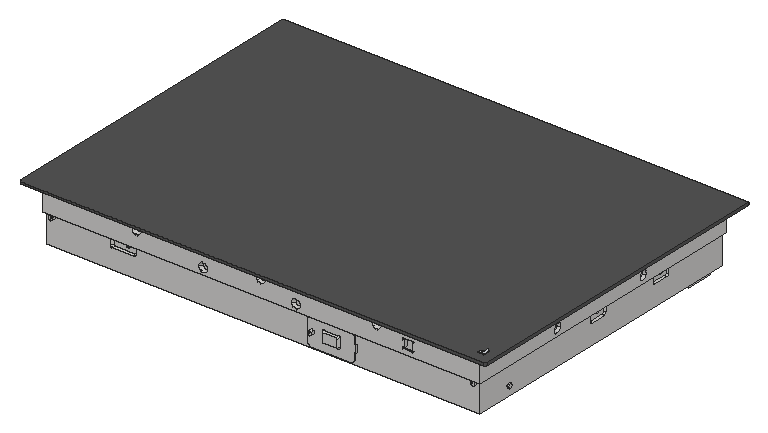
Revit family "P210876JX-013_JEC4430KB", category Specialty Equipment, Revit 2026 (continued)
Automatic sketch dimensions
  Blend 29 sketch curve to plane 6 = 1.34884"  (x2)
  plane 3 "Center (Left/Right)" to Blend 29 sketch curve = 3.96393"  (x2)
  Blend 30 sketch curve to plane 6 = 0.76589"  (x2)
  Blend 30 sketch curve to plane 7 = 6.91875"  (x2)
  Extrusion 26 to Extrusion 31 sketch curve = 0.9713"  (x2)
  Extrusion 26 to Extrusion 31 sketch curve = 0.35403"  (x2)
  Extrusion 26 to Extrusion 31 sketch curve = 0.21474"  (x2)
  Extrusion 31 sketch curve to Extrusion 31 sketch curve = 0.13929"  (x6)
  Extrusion 26 to Extrusion 31 sketch curve = 1.11059"  (x2)
  Extrusion 31 sketch curve to Extrusion 31 sketch curve = 0.3598"
  Extrusion 31 sketch curve to Extrusion 31 sketch curve = 0.49909"
  Extrusion 26 to Extrusion 32 sketch curve = 0.25713"
  Extrusion 32 sketch curve to Extrusion 32 sketch curve = 0.13929"  (x4)
  Extrusion 32 sketch curve to Extrusion 32 sketch curve = 0.57487"
  Extrusion 26 to Extrusion 32 sketch curve = 0.71383"
  Extrusion 26 to Extrusion 32 sketch curve = 0.85312"
  Extrusion 26 to Extrusion 33 sketch curve = 0.9713"
  Extrusion 26 to Extrusion 33 sketch curve = 0.39643"  (x2)
  Extrusion 33 sketch curve to Extrusion 33 sketch curve = 0.13929"  (x3)
  Extrusion 26 to Extrusion 33 sketch curve = 0.71383"
  Extrusion 26 to Extrusion 33 sketch curve = 0.85312"
  Blend 34 sketch curve to Extrusion 1 = 0.47839"  (x2)
  Extrusion 1 to Blend 34 sketch curve = 14.43495"  (x2)
  Extrusion 35 sketch curve to Extrusion 1 = 0.28984"
  Extrusion 1 to Extrusion 35 sketch curve = 4.33305"
  Extrusion 35 sketch curve to Extrusion 35 sketch curve = 0"
  Extrusion 35 sketch curve to Extrusion 35 sketch curve = 0.05793"
  Extrusion 35 sketch curve to Extrusion 35 sketch curve = 0.11021"  (x4)
  Extrusion 35 sketch curve to Extrusion 35 sketch curve = 0.49679"
  Extrusion 35 sketch curve to Extrusion 35 sketch curve = 0.05699"  (x3)
  Extrusion 35 sketch curve to Extrusion 35 sketch curve = 0.43238"  (x2)
  Blend 36 sketch curve to Extrusion 1 = 0.45116"  (x2)
  Extrusion 1 to Blend 36 sketch curve = 12.11498"  (x2)
  Revolve 37 sketch curve to level = 0"
  plane 3 "Center (Left/Right)" to Revolve 37 sketch curve = 1.75497"
  Revolve 37 sketch curve to Revolve 37 sketch curve = 0.04983"
  Revolve 37 sketch curve to Revolve 37 sketch curve = 0.08052"
  Revolve 37 sketch curve to Revolve 37 sketch curve = 0.30781"
  Revolve 37 sketch curve to Revolve 37 sketch curve = 0.03944"
  Revolve 37 sketch curve to level = 0.13778"
  Revolve 37 sketch curve to level = 0.22093"
  Revolve 37 sketch curve to Revolve 37 sketch curve = 0.04971"
  Revolve 37 sketch curve to Revolve 37 sketch curve = 0.04642"
  Revolve 37 sketch curve to Revolve 37 sketch curve = 0"  (x2)
  Revolve 37 sketch curve to Revolve 37 sketch curve = 0.05575"
  Revolve 37 sketch curve to Revolve 37 sketch curve = 0.00971"
  Revolve 38 sketch curve to level = 0"
  plane 3 "Center (Left/Right)" to Revolve 38 sketch curve = 0.05226"
  plane 3 "Center (Left/Right)" to Revolve 38 sketch curve = 0.00243"
  Revolve 38 sketch curve to plane 3 "Center (Left/Right)" = 0.02827"
  Revolve 38 sketch curve to Revolve 38 sketch curve = 0.30781"
  Revolve 38 sketch curve to Revolve 38 sketch curve = 0.03944"
  Revolve 38 sketch curve to level = 0.13778"
  Revolve 38 sketch curve to level = 0.22093"
  Revolve 38 sketch curve to Revolve 38 sketch curve = 0.04971"
  Revolve 38 sketch curve to Revolve 38 sketch curve = 0.04642"
  Revolve 38 sketch curve to Revolve 38 sketch curve = 0"  (x2)
  Revolve 38 sketch curve to Revolve 38 sketch curve = 0.05575"
  Revolve 38 sketch curve to Revolve 38 sketch curve = 0.00971"
  Revolve 39 sketch curve to level = 0"
  plane 8 to Revolve 39 sketch curve = 7.49319"
  Revolve 39 sketch curve to Revolve 39 sketch curve = 0.04983"
  Revolve 39 sketch curve to Revolve 39 sketch curve = 0.08052"
  Revolve 39 sketch curve to Revolve 39 sketch curve = 0.30781"
  Revolve 39 sketch curve to Revolve 39 sketch curve = 0.03944"
  Revolve 39 sketch curve to level = 0.13778"
  Revolve 39 sketch curve to level = 0.22093"
  Revolve 39 sketch curve to Revolve 39 sketch curve = 0.04971"
  Revolve 39 sketch curve to Revolve 39 sketch curve = 0.04642"
  Revolve 39 sketch curve to Revolve 39 sketch curve = 0"  (x2)
  Revolve 39 sketch curve to Revolve 39 sketch curve = 0.05575"
  Revolve 39 sketch curve to Revolve 39 sketch curve = 0.00971"
  Revolve 40 sketch curve to level = 0"
  plane 3 "Center (Left/Right)" to Revolve 40 sketch curve = 6.50497"
  Revolve 40 sketch curve to Revolve 40 sketch curve = 0.04983"
  Revolve 40 sketch curve to Revolve 40 sketch curve = 0.08052"
  Revolve 40 sketch curve to Revolve 40 sketch curve = 0.30781"
  Revolve 40 sketch curve to Revolve 40 sketch curve = 0.03944"
  Revolve 40 sketch curve to level = 0.13778"
  Revolve 40 sketch curve to level = 0.22093"
  Revolve 40 sketch curve to Revolve 40 sketch curve = 0.04971"
  Revolve 40 sketch curve to Revolve 40 sketch curve = 0.04642"
  Revolve 40 sketch curve to Revolve 40 sketch curve = 0"  (x2)
  Revolve 40 sketch curve to Revolve 40 sketch curve = 0.05575"
  Revolve 40 sketch curve to Revolve 40 sketch curve = 0.00971"
  Revolve 41 sketch curve to level = 0"
  Revolve 41 sketch curve to plane 7 = 6.86021"
  Revolve 41 sketch curve to Revolve 41 sketch curve = 0.04983"
  Revolve 41 sketch curve to Revolve 41 sketch curve = 0.08052"
  Revolve 41 sketch curve to Revolve 41 sketch curve = 0.30781"
  Revolve 41 sketch curve to Revolve 41 sketch curve = 0.03944"
  Revolve 41 sketch curve to level = 0.13778"
  Revolve 41 sketch curve to level = 0.22093"
  Revolve 41 sketch curve to Revolve 41 sketch curve = 0.04971"
  Revolve 41 sketch curve to Revolve 41 sketch curve = 0.04642"
  Revolve 41 sketch curve to Revolve 41 sketch curve = 0"  (x2)
  Revolve 41 sketch curve to Revolve 41 sketch curve = 0.05575"
  Revolve 41 sketch curve to Revolve 41 sketch curve = 0.00971"
  Blend 42 sketch curve to Extrusion 2 = 0"
  Extrusion 2 to Blend 42 sketch curve = 5.57293"
  Blend 42 sketch curve to Blend 42 sketch curve = 0.10526"  (x2)
  Blend 42 sketch curve to Blend 42 sketch curve = 0.93825"
  Blend 42 sketch curve to Extrusion 2 = 0.42599"
  Extrusion 2 to Blend 42 sketch curve = 0"
  Blend 42 sketch curve to Extrusion 2 = 4.31003"
  Blend 42 sketch curve to Blend 42 sketch curve = 0.15156"  (x2)
  Blend 42 sketch curve to Blend 42 sketch curve = 1.0739"
  Extrusion 2 to Blend 42 sketch curve = 0.48125"
  Extrusion 43 sketch curve to Blend 42 = 0.17877"
  Blend 42 to Extrusion 43 sketch curve = 4.51896"
  Extrusion 43 sketch curve to Blend 42 = 0.02186"
  Extrusion 43 sketch curve to Extrusion 43 sketch curve = 0.09059"  (x4)
  Extrusion 43 sketch curve to Blend 42 = 0.23107"
  Extrusion 43 sketch curve to Blend 42 = 0.07416"  (x2)
  Extrusion 43 sketch curve to Extrusion 43 sketch curve = 0.0523"  (x2)
  Blend 44 sketch curve to Extrusion 2 = 0"
  Blend 44 sketch curve to Extrusion 2 = 9.20183"
  Blend 44 sketch curve to Blend 44 sketch curve = 0.10526"  (x2)
  Blend 44 sketch curve to Blend 44 sketch curve = 0.93825"
  Blend 44 sketch curve to Extrusion 2 = 0.42599"
  Extrusion 2 to Blend 44 sketch curve = 0"
  Blend 44 sketch curve to Extrusion 2 = 9.49753"
  Blend 44 sketch curve to Blend 44 sketch curve = 0.15156"  (x2)
  Blend 44 sketch curve to Blend 44 sketch curve = 1.0739"
  Extrusion 2 to Blend 44 sketch curve = 0.48125"
  Blend 42 to curve 23 = 0.25063"
  curve 23 to Blend 42 = 5.06786"
  Blend 42 to curve 24 = 0.1149"
  curve 23 to curve 24 = 0.11604"
  Blend 42 to curve 28 = 0.12646"
  curve 24 to curve 28 = 0.34226"
  curve 28 to curve 27 = 0.34036"
  curve 25 to curve 26 = 0.11604"
  Blend 42 to curve 11 = 0.11964"
  curve 10 to curve 12 = 0.11604"
  Blend 42 to curve 15 = 0.12646"
  curve 11 to curve 15 = 0.34226"
  Blend 42 to curve 14 = 0.1149"
  Blend 42 to curve 14 = 59/256"
  Blend 42 to curve 13 = 0.11442"
  curve 13 to curve 12 = 0.16573"
  curve 10 to curve 11 = 0.16573"
  curve 26 to curve 25 = 0.16573"
  Blend 42 to curve 13 = 0.00063"
  Blend 42 to curve 23 = 0.00063"
  Blend 42 to curve 26 = 0.00063"
  Blend 42 to curve 10 = 0.00063"
  Extrusion 45 sketch curve to plane 6 = 0.93692"
  plane 8 to Extrusion 45 sketch curve = 5.30435"
  Extrusion 45 sketch curve to Extrusion 45 sketch curve = 0"  (x2)
  Extrusion 45 sketch curve to Extrusion 45 sketch curve = 0.05793"
  Extrusion 45 sketch curve to Extrusion 45 sketch curve = 0.11021"  (x4)
  Extrusion 45 sketch curve to Extrusion 45 sketch curve = 0.49679"
  Extrusion 45 sketch curve to Extrusion 45 sketch curve = 0.05699"  (x2)
  Extrusion 45 sketch curve to Extrusion 45 sketch curve = 0.43238"  (x2)
  Blend 46 sketch curve to plane 6 = 0.76589"  (x2)
  plane 8 to Blend 46 sketch curve = 7.04375"  (x2)
  Blend 47 sketch curve to plane 6 = 1.83125"  (x2)
  plane 8 to Blend 47 sketch curve = 5.65421"
  Blend 47 sketch curve to Blend 47 sketch curve = 39/256"  (x2)
  Blend 47 sketch curve to Blend 47 sketch curve = 83/128"
  Blend 47 sketch curve to Blend 47 sketch curve = 105/256"
  plane 8 to Blend 47 sketch curve = 6.74015"
  Blend 47 sketch curve to Blend 47 sketch curve = 0.15156"  (x2)
  Blend 47 sketch curve to Blend 47 sketch curve = 0.9"
  Blend 47 sketch curve to Blend 47 sketch curve = 0.5125"
  Blend 47 to curve 32 = 0.08702"
  curve 32 to curve 33 = 0.15157"
  Blend 47 to curve 34 = 0.2386"
  Blend 47 to curve 30 = 0.08702"
  Blend 47 to curve 34 = 0.13229"
  curve 31 to curve 34 = 0.15157"
  curve 31 to curve 32 = 0.15157"
  curve 30 to Blend 47 = 0.00114"
  curve 32 to Blend 47 = 0.00114"
  level to Extrusion 48 sketch curve = 0.649"  (x2)
  Extrusion 48 sketch curve to plane 9 = 3.40507"
  level to Extrusion 48 sketch curve = 0.524"
  Extrusion 48 sketch curve to Extrusion 48 sketch curve = 0.07217"  (x2)
  level to Extrusion 48 sketch curve = 0.774"
  Extrusion 48 sketch curve to Extrusion 48 sketch curve = 0.14434"  (x4)
  Extrusion 48 sketch curve to Extrusion 48 sketch curve = 0"
  Extrusion 49 sketch curve to Extrusion 2 = 0.48573"
  Extrusion 2 to Extrusion 49 sketch curve = 0.04685"
  Extrusion 49 sketch curve to Extrusion 49 sketch curve = 1/8"  (x3)
  Extrusion 49 sketch curve to Extrusion 49 sketch curve = 0"
  Extrusion 2 to Extrusion 49 sketch curve = 0.11902"  (x2)
  Extrusion 49 sketch curve to Extrusion 49 sketch curve = 0.07217"
  Extrusion 49 sketch curve to Extrusion 49 sketch curve = 0.14434"  (x3)
  Extrusion 2 to Extrusion 50 sketch curve = 0.48573"
  Extrusion 2 to Extrusion 50 sketch curve = 0.04685"
  Extrusion 50 sketch curve to Extrusion 50 sketch curve = 1/8"  (x4)
  Extrusion 2 to Extrusion 50 sketch curve = 0.11902"  (x2)
  Extrusion 50 sketch curve to Extrusion 50 sketch curve = 0.07217"  (x3)
  Extrusion 50 sketch curve to Extrusion 50 sketch curve = 0.14434"
  plane 1 "Center (Front/Back)" to Extrusion 51 sketch curve = 3.15226"
  Extrusion 51 sketch curve to Extrusion 51 sketch curve = 0.29513"
  Extrusion 51 sketch curve to Extrusion 51 sketch curve = 0.04212"  (x2)
  Extrusion 51 sketch curve to plane 7 = 3.13397"
  Extrusion 51 sketch curve to Extrusion 51 sketch curve = 0.0474"  (x2)
  Extrusion 51 sketch curve to Extrusion 51 sketch curve = 0.29968"
  Extrusion 53 sketch curve to level = 0"
  plane 1 "Center (Front/Back)" to Extrusion 53 sketch curve = 3 169/256"
  Extrusion 53 sketch curve to level = 0.09175"
  Extrusion 53 sketch curve to Extrusion 53 sketch curve = 0.18013"
  Extrusion 53 sketch curve to Extrusion 53 sketch curve = 0.32778"
  Extrusion 2 to Extrusion 54 sketch curve = 0.44399"
  Extrusion 54 sketch curve to Extrusion 54 sketch curve = 1.81439"
  Extrusion 2 to Extrusion 54 sketch curve = 2.18623"
  Extrusion 2 to Extrusion 54 sketch curve = 0.37373"
  Revolve 55 sketch curve to level = 1/64"
  Revolve 55 sketch curve to plane 10 = 0"
  plane 8 to Revolve 55 sketch curve = 5.78878"
  Revolve 55 sketch curve to Revolve 55 sketch curve = 0.39714"
  Revolve 55 sketch curve to Revolve 55 sketch curve = 0.45767"
  Revolve 55 sketch curve to Revolve 55 sketch curve = 0"
  level to Revolve 55 sketch curve = 1/4"
  Revolve 55 sketch curve to Revolve 55 sketch curve = 0.2053"
  plane 10 to Extrusion 56 sketch curve = 0.39115"
  plane 1 "Center (Front/Back)" to Extrusion 56 sketch curve = 3.70949"
  Extrusion 56 sketch curve to Extrusion 56 sketch curve = 0.38287"  (x2)
  Extrusion 56 sketch curve to Extrusion 56 sketch curve = 0.06013"
  Extrusion 56 sketch curve to Extrusion 56 sketch curve = 0.12024"
  Extrusion 56 sketch curve to Extrusion 56 sketch curve = 0.27413"
  plane 10 to Extrusion 57 sketch curve = 1/256"
  plane 8 to Extrusion 57 sketch curve = 4.07498"
  Extrusion 57 sketch curve to Extrusion 57 sketch curve = 0.32541"
  Extrusion 57 sketch curve to Extrusion 57 sketch curve = 0.11556"
  Extrusion 57 sketch curve to level = 0.60138"
  Extrusion 57 sketch curve to Extrusion 57 sketch curve = 0"
  Extrusion 57 sketch curve to Extrusion 57 sketch curve = 0.18244"
  Extrusion 58 sketch curve to plane 3 "Center (Left/Right)" = 0"
  level to Extrusion 58 sketch curve = 0.29964"
  curve 97 to curve 113 = 0"  (x2)
  curve 97 to curve 114 = 0"  (x2)
  curve 97 to curve 115 = 0"  (x2)
  curve 97 to curve 133 = 0"  (x2)
  curve 102 to curve 116 = 0"  (x2)
  curve 102 to curve 117 = 0"  (x2)
  curve 102 to curve 118 = 0"  (x2)
  curve 103 to curve 119 = 0"  (x2)
  curve 103 to curve 120 = 0"  (x2)
  curve 103 to curve 121 = 0"  (x2)
  curve 103 to curve 132 = 0"  (x2)
  curve 106 to curve 107 = 0"  (x2)
  curve 106 to curve 108 = 0"  (x2)
  curve 106 to curve 109 = 0"  (x2)
  curve 106 to curve 112 = 0"  (x2)
  curve 107 to curve 108 = 0"  (x2)
  curve 107 to curve 109 = 0"  (x2)
  curve 107 to curve 112 = 0"  (x2)
  curve 108 to curve 109 = 0"  (x2)
  curve 108 to curve 112 = 0"  (x2)
  curve 109 to curve 112 = 0"  (x2)
  curve 113 to curve 114 = 0"  (x2)
  curve 113 to curve 115 = 0"  (x3)
  curve 113 to curve 133 = 0"  (x2)
  curve 114 to curve 115 = 0"  (x2)
  curve 114 to curve 133 = 0"  (x2)
  curve 115 to curve 133 = 0"  (x2)
  curve 116 to curve 117 = 0"  (x2)
  curve 116 to curve 118 = 0"  (x2)
  curve 117 to curve 118 = 0"  (x2)
  curve 119 to curve 120 = 0"  (x2)
  curve 119 to curve 121 = 0"  (x2)
  curve 119 to curve 132 = 0"  (x2)
  curve 120 to curve 121 = 0"  (x2)
  curve 120 to curve 132 = 0"  (x2)
  curve 121 to curve 132 = 0"  (x2)
  curve 122 to Extrusion 26 = 13/128"
  curve 115 to Extrusion 26 = 5.17858"
  curve 116 to Extrusion 26 = 6.95983"
  curve 102 to curve 131 = 0.00936"
  curve 117 to curve 103 = 2.73853"
  curve 107 to Extrusion 26 = 7.2334"
  curve 106 to curve 130 = 0.00936"
  curve 41 to Extrusion 26 = 3.23191"
  curve 66 to Extrusion 26 = 3.23191"
  curve 81 to curve 65 = 0"
  curve 57 to curve 41 = 0"
  curve 92 to curve 81 = 0"
  curve 57 to curve 58 = 0.44056"
  curve 89 to curve 90 = 0.44056"
  curve 81 to curve 84 = 0.44056"
  curve 65 to curve 67 = 0.44056"
  curve 41 to curve 43 = 0.44056"
  curve 66 to curve 69 = 0.05944"
  curve 91 to curve 96 = 0.05944"
  curve 43 to curve 48 = 0.05944"
  curve 45 to curve 47 = 0.44056"
  curve 93 to curve 94 = 0.44056"
  curve 69 to curve 70 = 0.44056"
  curve 46 to curve 54 = 0.2978"
  curve 71 to curve 80 = 0.2978"
  curve 55 to curve 56 = 0.44056"
  curve 79 to curve 77 = 0.44056"
  curve 77 to curve 74 = 0.05944"
  curve 82 to curve 86 = 1.2978"
  curve 53 to curve 64 = 0.05944"
  curve 53 to curve 51 = 0.05944"
  curve 63 to curve 61 = 0.44056"
  curve 50 to curve 50 = 0.44056"
  curve 87 to curve 88 = 0.44056"
  curve 74 to curve 74 = 0.44056"
  curve 126 to Extrusion 26 = 13/128"
  curve 115 to Extrusion 26 = 5.27729"
  curve 113 to curve 130 = 2.72801"
  curve 130 to curve 108 = 0.01247"
  curve 106 to curve 131 = 9.01311"
  curve 131 to curve 116 = 0.01247"
  curve 117 to curve 90 = 1.36523"
  curve 95 to curve 90 = 0"
  curve 90 to curve 92 = 0.44056"
  curve 94 to curve 95 = 0.44056"
  curve 89 to curve 82 = 2.4261"
  curve 86 to curve 82 = 0"
  curve 81 to curve 81 = 0.44056"
  curve 85 to curve 88 = 0.44056"
  curve 87 to curve 79 = 0.91153"
  curve 70 to curve 78 = 0"
  curve 67 to curve 69 = 0"  (x2)
  curve 75 to curve 77 = 0"
  curve 70 to curve 71 = 0.44056"
  curve 73 to curve 73 = 0.44056"
  curve 77 to curve 75 = 0"
  curve 67 to curve 59 = 2.45735"
  curve 63 to curve 58 = 0"
  curve 103 to Extrusion 26 = 5.11313"
  curve 62 to curve 64 = 0.44056"
  curve 58 to curve 59 = 0.44056"
  curve 57 to curve 42 = 0.91153"
  curve 47 to curve 42 = 0"
  curve 61 to curve 49 = 0.91153"
  curve 55 to curve 46 = 0"
  curve 50 to curve 52 = 0.44056"
  curve 41 to curve 41 = 0.44056"
  curve 54 to curve 55 = 0.44056"
  curve 45 to curve 43 = 0"
  curve 97 to Extrusion 26 = 1.69701"
  curve 97 to curve 98 = 0.01531"
  curve 100 to Extrusion 26 = 1.75414"
  curve 100 to curve 102 = 0.07528"
  curve 98 to curve 113 = 0.18272"
  curve 100 to curve 117 = 0.27441"
  curve 102 to curve 118 = 0.19914"
  curve 115 to curve 98 = 0.21317"
  curve 118 to curve 100 = 0.32013"
  curve 97 to curve 133 = 0.12528"
  curve 97 to curve 115 = 0.01101"
  curve 99 to curve 97 = 0.02088"
  curve 99 to curve 114 = 0.08523"
  curve 103 to curve 103 = 3.48157"
  curve 103 to curve 104 = 0.01531"
  curve 104 to curve 121 = 0.18272"
  curve 121 to curve 120 = 0"
  curve 120 to curve 104 = 0.21317"
  curve 121 to curve 102 = 0.36648"
  curve 102 to curve 118 = 0.00693"
  curve 102 to curve 101 = 0.14717"
  curve 101 to curve 116 = 0.128"
  curve 133 to curve 113 = 3.28481"
  curve 103 to Extrusion 26 = 1.63135"
  curve 103 to curve 103 = 0.12528"
  curve 103 to curve 120 = 0.01101"
  curve 103 to curve 105 = 0.1044"
  curve 105 to curve 119 = 0.08523"
  curve 131 to curve 117 = 4.92382"
  curve 103 to curve 121 = 3.28481"
  curve 109 to Extrusion 26 = 2.21943"
  curve 109 to curve 130 = 0.17776"
  curve 109 to curve 108 = 0.03776"
  curve 108 to curve 106 = 0.04355"
  curve 110 to curve 130 = 0"  (x2)
  curve 106 to curve 106 = 0.17488"
  curve 108 to curve 108 = 0.26232"
  curve 110 to curve 112 = 0.16038"
  curve 110 to curve 107 = 0.19708"
  curve 21 to curve 55 = 0.1489"
  curve 111 to Extrusion 26 = 1.64493"
  curve 111 to curve 109 = 0.2101"
  curve 111 to curve 112 = 0.21011"
  curve 112 to curve 107 = 0.19973"
  curve 107 to curve 111 = 0.00169"
  curve 97 to curve 114 = 0.1976"
  curve 97 to curve 99 = 0.04202"
  curve 114 to curve 115 = 0.00136"
  curve 110 to curve 109 = 0.2049"
  curve 110 to curve 107 = 0.00678"
  curve 107 to curve 112 = 0.19815"
  curve 109 to curve 108 = 1.30023"
  curve 108 to curve 106 = 1.49937"
  curve 97 to curve 98 = 0.11951"
  curve 99 to curve 97 = 0.00674"
  curve 111 to curve 109 = 0.15206"
  curve 21 to curve 94 = 1.53408"
  curve 117 to curve 101 = 0.01012"
  curve 117 to curve 100 = 0.15419"
  curve 117 to curve 118 = 0.27471"
  curve 100 to curve 102 = 0.12608"
  curve 102 to curve 101 = 0.03659"
  curve 103 to curve 105 = 0.00674"
  curve 121 to curve 104 = 0.10267"
  curve 121 to curve 120 = 0.18292"
  curve 105 to curve 103 = 0.04202"
  curve 21 to Extrusion 26 = 1.56738"
  Extrusion 2 to Extrusion 59 sketch curve = 1.46543"
  Extrusion 59 sketch curve to Extrusion 59 sketch curve = 1.81439"
  Extrusion 2 to Extrusion 59 sketch curve = 3.30317"
  Extrusion 59 sketch curve to Extrusion 59 sketch curve = 1 13/16"
  radius of curve 35 = 0.17179"
  radius of curve 3 = 11/64"
  radius of curve 36 = 11/64"
  radius of Blend 3 sketch curve = 0.29844"
  radius of Blend 3 sketch curve = 19/128"
  radius of Blend 4 sketch curve = 0.30058"
  radius of Blend 4 sketch curve = 51/256"
  radius of Blend 5 sketch curve = 0.30058"
  radius of Blend 5 sketch curve = 51/256"
  radius of Blend 6 sketch curve = 0.30058"
  radius of Blend 6 sketch curve = 51/256"
  radius of curve 2 = 0.18177"
  radius of Extrusion 9 sketch curve = 0.06531"
  radius of Extrusion 10 sketch curve = 0.04258"
  radius of Blend 11 sketch curve = 0.29844"
  radius of Blend 11 sketch curve = 19/128"
  radius of Blend 12 sketch curve = 0.29844"
  radius of Blend 12 sketch curve = 19/128"
  radius of Blend 13 sketch curve = 0.29844"
  radius of Blend 13 sketch curve = 19/128"
  radius of curve 9 = 0.15998"
  radius of Extrusion 15 sketch curve = 0.0328"
  radius of Extrusion 16 sketch curve = 0.0328"
  radius of Blend 17 sketch curve = 0.30058"
  radius of Blend 17 sketch curve = 51/256"
  radius of Extrusion 19 sketch curve = 0.04258"
  radius of Extrusion 20 sketch curve = 0.0328"
  radius of Blend 21 sketch curve = 0.30058"
  radius of Blend 21 sketch curve = 51/256"
  radius of Blend 22 sketch curve = 0.29844"
  radius of Blend 22 sketch curve = 19/128"
  radius of Blend 23 sketch curve = 0.29844"
  radius of Blend 23 sketch curve = 19/128"
  radius of Blend 24 sketch curve = 0.29844"
  radius of Blend 24 sketch curve = 19/128"
  radius of Blend 25 sketch curve = 0.29844"
  radius of Blend 25 sketch curve = 19/128"
  radius of curve 20 = 11/64"
  radius of curve 37 = 11/64"
  radius of Blend 29 sketch curve = 0.30058"
  radius of Blend 29 sketch curve = 51/256"
  radius of Blend 30 sketch curve = 0.30058"
  radius of Blend 30 sketch curve = 51/256"
  radius of Blend 34 sketch curve = 0.30058"
  radius of Blend 34 sketch curve = 51/256"
  radius of Blend 36 sketch curve = 0.30058"
  radius of Blend 36 sketch curve = 51/256"
  radius of Extrusion 43 sketch curve = 0.0328"
  radius of curve 15 = 0.15998"
  radius of curve 28 = 0.15998"
  radius of Blend 46 sketch curve = 0.30058"
  radius of Blend 46 sketch curve = 51/256"
  radius of Extrusion 48 sketch curve = 0.04258"
  radius of Extrusion 49 sketch curve = 0.04258"
  radius of Extrusion 50 sketch curve = 0.04258"
  radius of Extrusion 52 sketch curve to Extrusion 51 = 0.14423"
  radius of Extrusion 58 sketch curve = 1/4"
  radius of curve 123 to Extrusion 26 = 0"
  radius of curve 127 to Extrusion 26 = 0"
  radius of curve 130 = 5.81118"
  radius of curve 132 = 3.28481"
  radius of curve 133 = 3.28481"
Nested families (in)
  nested 1: "JennAir Logo Extra Small" at (14.53664, -20.85755, 3.75), type "JennAir Logo Extra Small"
Connectors (in)
  electrical at (0, -0.86262, 0.29964), driven by "Voltage"
    settings: on Extrusion 58, index 2, voltage 0 V, apparent load 0 VA, apparent load phase1 0 VA, apparent load phase2 0 VA, apparent load phase3 0 VA, power factor 1, load classification "Other", number of poles 1, system type 30, power factor state 1, is connector primary yes, connector utility no, sub classification motor no, connector description "Electrical Connection"
Definition of nested family "JennAir Logo Extra Small"
  Parameters (values of type "JennAir Logo Extra Small")
    Logo Material = none
    Default Elevation = 48"
  Reference planes (in)
    plane 1 "Center (Front/Back)": y = 0
    plane 2: z = 0
    plane 3 "Center (Left/Right)": x = 0
  Forms (in)
    Extrusion 1, solid
      sketch origin (0, 0, 0) x (1, 0, 0) y (0, 1, 0)
        loop
          line (-48, 48) -> (-48, -48) -> (48, -48) -> (48, 48) -> (-48, 48)
      from 0 to -12
    Extrusion 2, solid, material <- "Logo Material"
      sketch origin (0, 0, 0) x (1, 0, 0) y (0, 1, 0)
        loop
          line (-0.19564, -0.03953) -> (-0.19564, -0.1855) -> (0.19564, -0.1855) -> (0.19564, 0.1855) -> (0.02435, 0.34671) -> (0.02435, -0.08)
          arc (0.02435, -0.08) -> (0.00274, -0.10161) -> (-0.01886, -0.08) r 0.0216
          line (-0.01886, -0.08) -> (-0.01886, 0.13725) -> (-0.19564, -0.03953)
      from 0 to 0.01563
  Dimensions and locks (in)
    aligned and locked: plane 2 to Extrusion 1
    aligned and locked: level to Extrusion 1
